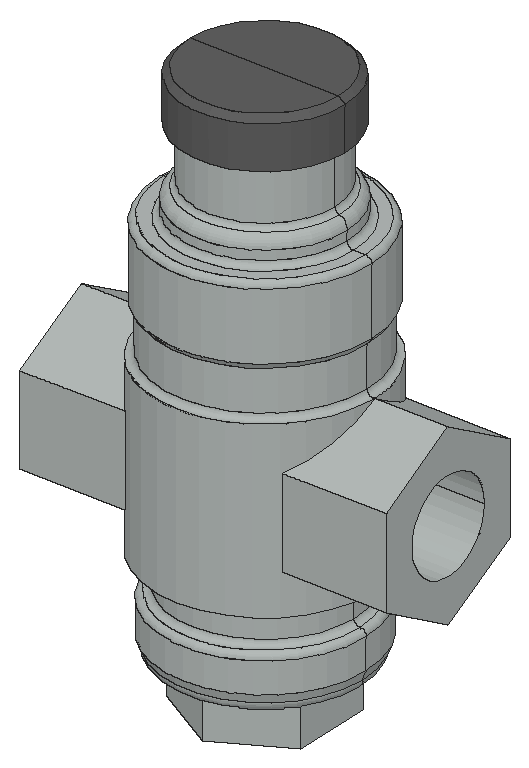
Revit family "HS00590000", category Apparecchi idraulici, Revit 2020
Family settings
  Quota connettore circolare = Usa diametro
  Tipo di parte = Normale
  Numero OmniClass = 23.45.00.00
  Titolo OmniClass = Sanitary, Laundry, and Cleaning Equipment
  Basato su piano di lavoro = No
  Sempre verticale = Sì
  Taglio con vuoti quando caricato = No
  Condiviso = No
  Punto di calcolo locali = No
Parameters
  URL = "https://web.cimberio.it/index.php/figura/1422?subcategoria_id=42"
  Temperatura di esercizio = "0 ÷ 80°C"
  Prospetto di default = 0 mm
  Produttore = "CIMBERIO SPA"
  Pressione nominale = "PN 15"
  Modello = "Cim 1020N"
  Materiale = "Prodotto in lega di ottone conforme alla norma EN 12165-CW617N-DW"
  Descrizione = "Utilizzato nei più svariati settori dell'impiantistica: reti di distribuzione acqua potabile, impianti di riscaldamento, condizionamento, igienico-sanitari e in generale con ogni fluido non corrosivo."
  DN Model [instance] = HS00591015 : HS00591015
  DN [instance] = 15 mm
  Commenti sul tipo = "Realizzato in ottemperanza ai requisiti gestionali della norma EN ISO 9001. Collaudato al 100% secondo la normativa EN 12266-1."
Reference planes
  plane 1 "Centro (Fronte/Retro)": y = 0
  plane 2: z = 0
  plane 3 "Centro (Sinistra/Destra)": x = 0
Dimensions and locks
  aligned and locked: level to plane 2
Nested families
  nested 1: "HS00591015" at (0, 0, 0), type <- "DN Model", type "HS00591015"
  nested 2: "HS00591015" at (0, 0, 0), type <- "DN Model", type "HS00591015"
  nested 3: "HS00591015" at (0, 0, 0), type <- "DN Model", type "HS00591015"
Connectors
  piping at (30, 0, 0), diameter 15, driven by "DN"
    settings: on nested 1, index 1, connector inside diameter 609.6 mm, connector length 0 mm, flow factor 0, pipe flow 0.0 L/s, pressure drop 0.0 Pa, fitting loss kfactor 0, connector angle 0.00°, fixture units 0, engagement length 0 mm, angle of deflection 0.00°, flow configuration 0, flow direction 0, fitting loss method 0, system type 7, joint type 0, gender type 0, connector reference index -1, connector utility 0, adjustable connector no, is connector primary yes, connector description ""
  piping at (-30, 0, 0), diameter 15, driven by "DN"
    settings: on nested 1, index 2, connector inside diameter 609.6 mm, connector length 0 mm, flow factor 0, pipe flow 0.0 L/s, pressure drop 0.0 Pa, fitting loss kfactor 0, connector angle 0.00°, fixture units 0, engagement length 0 mm, angle of deflection 0.00°, flow configuration 0, flow direction 0, fitting loss method 0, system type 7, joint type 0, gender type 0, connector reference index -1, connector utility 0, adjustable connector no, is connector primary no, connector description ""
Definition of nested family "HS00591015"
  Parameters (values of type "HS00591015")
    Default Elevation = 0 mm
  Reference planes
    plane 1 "Centro (Fronte/Retro)": y = 0
    plane 2: z = 0
    plane 3 "Centro (Sinistra/Destra)": x = 0
  Forms (mm)
    Revolve 1, solid
      sketch origin (0, 0, 0) x (1, 0, 0) y (0, 0, 1)
        loop
          line (-7.5, 48.8) -> (-11.5, 48.8) -> (-11.5, 40.34)
          arc (-11.5, 40.34) -> (-11.684, 39.758) -> (-12.168, 39.386) r 1.016
          arc (-12.168, 39.386) -> (-13.129, 38.651) -> (-13.5, 37.5) r 2.024
          line (-13.5, 37.5) -> (-13.5, 36)
          arc (-13.5, 36) -> (-13.793, 35.293) -> (-14.5, 35) r 1
          line (-14.5, 35) -> (-16.5, 35)
          arc (-16.5, 35) -> (-17.207, 34.707) -> (-17.5, 34) r 1
          line (-17.5, 34) -> (-17.5, 23) -> (-16.75, 22) -> (-16.75, 15.408)
          arc (-16.75, 15.408) -> (-17.124, 14.641) -> (-17.959, 14.463) r 0.974
          line (-17.959, 14.463) -> (-17.959, -13.916)
          arc (-17.959, -13.916) -> (-17.664, -13.429) -> (-17.289, -13) r 3.275
          arc (-17.289, -13) -> (-16.923, -12.634) -> (-16.423, -12.5) r 1
          line (-16.423, -12.5) -> (-15.471, -12.5)
          arc (-15.471, -12.5) -> (-14.786, -12.784) -> (-14.502, -13.468) r 0.969
          line (-14.502, -13.468) -> (-14.5, -19)
          arc (-14.5, -19) -> (-14.829, -19.743) -> (-15.6, -20) r 1.004
          arc (-15.6, -20) -> (-16.307, -20.293) -> (-16.6, -21) r 1
          line (-16.6, -21) -> (-16.6, -26) -> (-16, -27.5)
          arc (-16, -27.5) -> (-15.561, -28.56) -> (-14.5, -29) r 1.5
          line (-14.5, -29) -> (-7.5, -29) -> (-7.5, 48.8)
        axis (0, 48.8) -> (0, -29)
      angle from 0 to 360
    Extrusion 2, solid
      sketch origin (0, 0, 0) x (0, 1, 0) y (0, 0, 1)
        loop
          circle (0, 0) r 7.5
        loop
          line (0, 14.5) -> (-12.557, 7.25) -> (-12.557, -7.25) -> (0, -14.5) -> (12.557, -7.25) -> (12.557, 7.25) -> (0, 14.5)
      from -30 to -9.162
    Extrusion 3, solid
      sketch origin (0, 0, 0) x (0, 1, 0) y (0, 0, -1)
        loop
          circle (0, 0) r 7.5
        loop
          line (0, -14.5) -> (12.557, -7.25) -> (12.557, 7.25) -> (0, 14.5) -> (-12.557, 7.25) -> (-12.557, -7.25) -> (0, -14.5)
      from -30 to -7.975
    Extrusion 4, solid
      sketch origin (0, 0, 0) x (1, 0, 0) y (0, 1, 0)
        loop
          line (11, 6.351) -> (0, 12.702) -> (-11, 6.351) -> (-11, -6.351) -> (0, -12.702) -> (11, -6.351) -> (11, 6.351)
      from -36.5 to -29
    Revolve 5, solid
      sketch origin (0, 0, 0) x (1, 0, 0) y (0, 0, 1)
        loop
          line (0, 56.8) -> (-12.15, 56.8) -> (-13.149, 55.801) -> (-13.122, 48.8) -> (0, 48.8) -> (0, 56.8)
        axis (0, 56.8) -> (0, 48.8)
      angle from 0 to 360
  Dimensions and locks
    aligned and locked: level to plane 2
